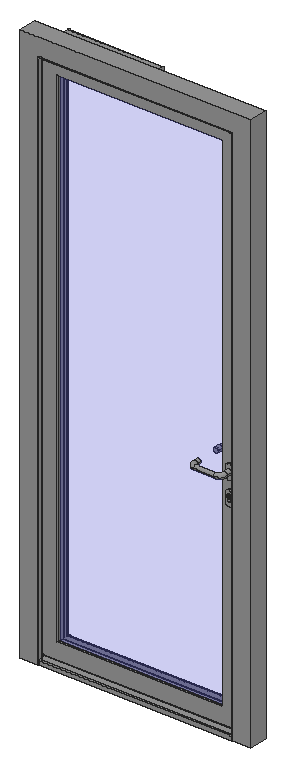
Revit family "Дверь ДПО-160", category Двери, Revit 2017
Family settings
  Основа = Стена
  Номер OmniClass = 23.30.10.00
  Заголовок OmniClass = Doors
  Всегда вертикально = Да
  При загрузке вырезать с полостями = Нет
  Общий = Нет
  Точка расчета площади = Нет
Parameters (values of type "ДПО-Огнедекор-01/60 24-10 ПТ")
  Ширина створки = Width - 100 mm  # 870 mm
  Функция = Внутренние слои
  Толщина = 50 mm  # constant formula
  Правая = not(Левая)  # yes
  Описание = "Дверь противопожарная остекленная"  # constant formula
  Огнестойкость = "EIW-30"  # constant formula
  Материал_створки = Сталь, белый
  Материал_коробки = Сталь, белый
  Левая = no
  Изготовитель = "ДВР Центр, г.Москва"  # constant formula
  Группа модели = "ДПО-Огнедекор"  # constant formula
  Выступ каркаса нар. = 25 mm
  Выступ каркаса внут. = 25 mm
  Ширина каркаса = 75 mm
  Height = 2370 mm
  Замыкание стены = По основе
  Width = 970 mm
Types (11, lengths in mm): name | Ширина створки | Правая | Левая | Height | Width
  (no name) | 870 | yes | no | 2370 | 970
  ДПО-Огнедекор-01/60 21-9 ПТ | 770 | yes | no | 2070 | 870
  ДПО-Огнедекор-01/60 21-8 ПТ | 670 | yes | no | 2070 | 770
  ДПО-Огнедекор-01/60 21-7 ПТ | 570 | yes | no | 2070 | 670
  ДПО-Огнедекор-01/60 21-10 ПТ | 870 | yes | no | 2070 | 970
  ДПО-Огнедекор-01/60 24-10 ПТ | 870 | yes | no | 2370 | 970
  ДПО-Огнедекор-01/60 24-10 ЛТ | 870 | no | yes | 2370 | 970
  ДПО-Огнедекор-01/60 21-9 ЛТ | 770 | no | yes | 2070 | 870
  ДПО-Огнедекор-01/60 21-8 ЛТ | 670 | no | yes | 2070 | 770
  ДПО-Огнедекор-01/60 21-7 ЛТ | 570 | no | yes | 2070 | 670
  ДПО-Огнедекор-01/60 21-10 ЛТ | 870 | no | yes | 2070 | 970
Reference planes
  plane 1: y = 0
  plane 2 "По центру (Влево/Вправо)": x = 0
  plane 3 "Слева": x = -485
  plane 4 "Справа": x = 485
  plane 5: z = 2370
  plane 6 "Наружный": y = 75
  plane 7 "Внутренние": y = -75
  plane 8: y = -37.295
  plane 9: z = 7
  plane 10: z = 2324
  plane 11: z = 1185
  plane 12: x = 439
  plane 13: x = -439
Forms (mm)
  Sweep 1, solid, material "Сталь, белый" <- "Материал_створки", detail levels fine
    path origin (-254.535, 75, -0.741) x (1, 0, 0) y (0, 0, 1)
      loop
        line (-184.465, 7.741) -> (693.535, 7.741) -> (693.535, 2324.741) -> (-184.465, 2324.741) -> (-184.465, 7.741)
    profile "Профиль 6050T : Профиль 6050T" origin (0, 75, 7) x (0, 0, 1) y (0, -1, 0)
      loop
        line (1.255, -6) -> (87.634, -6)
        arc (87.634, -6) -> (88.913, -5.47) -> (89.443, -4.191) r 1.809
        line (89.443, -4.191) -> (89.443, -3.388)
        arc (89.443, -3.388) -> (88.904, -2.085) -> (87.601, -1.546) r 1.842
        line (87.601, -1.546) -> (71.955, -1.546)
        arc (71.955, -1.546) -> (70.179, -0.81) -> (69.443, 0.966) r 2.512
        line (69.443, 0.966) -> (69.443, 39) -> (84.443, 39)
        arc (84.443, 39) -> (87.979, 40.464) -> (89.443, 44) r 5
        line (89.443, 44) -> (89.443, 54) -> (21.907, 54)
        arc (21.907, 54) -> (20.165, 53.278) -> (19.443, 51.536) r 2.464
        line (19.443, 51.536) -> (19.443, 1)
        arc (19.443, 1) -> (18.697, -0.8) -> (16.898, -1.546) r 2.545
        line (16.898, -1.546) -> (1.232, -1.546)
        arc (1.232, -1.546) -> (-0.033, -2.07) -> (-0.557, -3.335) r 1.789
        line (-0.557, -3.335) -> (-0.557, -4.188)
        arc (-0.557, -4.188) -> (-0.026, -5.469) -> (1.255, -6) r 1.812
  Sweep 2, solid, material "Сталь, белый" <- "Материал_коробки"
    path in 3D
      loop
        line (485, 75, 0) -> (485, 75, 2370) -> (-485, 75, 2370) -> (-485, 75, 0)
    profile "Профиль 6050LG : Профиль 6050LG" origin (0, 75, 2370) x (0, 1, 0) y (0, 0, -1)
      loop
        line (0, 0) -> (0, 56.008)
        arc (0, 56.008) -> (-1.169, 58.831) -> (-3.992, 60) r 3.992
        line (-3.992, 60) -> (-58.037, 60)
        arc (-58.037, 60) -> (-58.745, 60.293) -> (-59.037, 61) r 1
        line (-59.037, 61) -> (-59.037, 76.2)
        arc (-59.037, 76.2) -> (-59.565, 77.473) -> (-60.837, 78) r 1.8
        line (-60.837, 78) -> (-78.155, 78)
        arc (-78.155, 78) -> (-79.46, 77.46) -> (-80, 76.155) r 1.845
        line (-80, 76.155) -> (-80, 0) -> (0, 0)
  Extrusion 3, solid, material "Стекло", detail levels fine
    sketch origin (0, 0, 0) x (1, 0, 0) y (0, 1, 0)
      loop
        line (-369.557, 73.546) -> (-369.557, 45.5) -> (369.557, 45.5) -> (369.557, 73.546) -> (-369.557, 73.546)
    from 76.443 to 2254.557
  Extrusion 4, solid, material "Сталь, белый" <- "Материал_коробки", visible <- "Левая", detail levels fine
    sketch origin (0, 75, 0) x (1, 0, 0) y (0, 0, 1)
      loop
        line (469, 2253) -> (444, 2253) -> (444, 2206) -> (469, 2206) -> (469, 2253)
      loop
        line (469, 2142.021) -> (444, 2142.021) -> (444, 2095.021) -> (469, 2095.021) -> (469, 2142.021)
      loop
        line (469, 2053) -> (444, 2053) -> (444, 2006) -> (469, 2006) -> (469, 2053)
      loop
        line (469, 1942) -> (444, 1942) -> (444, 1895.021) -> (469, 1895.021) -> (469, 1942)
      loop
        line (469, 236) -> (444.016, 236) -> (444.016, 189) -> (469, 189) -> (469, 236)
      loop
        line (469, 125) -> (444.016, 125) -> (444.016, 78.021) -> (469, 78.021) -> (469, 125)
    from 0 to -6
  Extrusion 5, solid, material "Сталь, белый" <- "Материал_коробки", visible <- "Правая", detail levels fine
    sketch origin (0, 75, 0) x (1, 0, 0) y (0, 0, 1)
      loop
        line (-469, 2252.979) -> (-469, 2206) -> (-444.006, 2206) -> (-444.006, 2252.979) -> (-469, 2252.979)
      loop
        line (-469, 2142) -> (-469, 2095) -> (-444.006, 2095) -> (-444.006, 2142) -> (-469, 2142)
      loop
        line (-469, 2052.979) -> (-469, 2006) -> (-444.006, 2006) -> (-444.006, 2052.979) -> (-469, 2052.979)
      loop
        line (-469, 1942) -> (-469, 1895) -> (-444.006, 1895) -> (-444.006, 1942) -> (-469, 1942)
      loop
        line (-469, 235.979) -> (-469, 188.979) -> (-444, 188.979) -> (-444, 235.979) -> (-469, 235.979)
      loop
        line (-469, 125) -> (-469, 78) -> (-444, 78) -> (-444, 125) -> (-469, 125)
    from 0 to -6
  Extrusion 6, solid, material "Сталь, белый" <- "Материал_коробки", detail levels fine
    sketch origin (0, 0, 0) x (1, 0, 0) y (0, 1, 0)
      loop
        line (-425, 75) -> (-425, 15.963) -> (-407, 15.963) -> (-407, -5) -> (407, -5) -> (407, 15.963) -> (425, 15.963) -> (425, 75) -> (-425, 75)
    from 0 to 21.622
  Sweep 7, void
    path in 3D
      loop
        line (-407, -5, 21.622) -> (407, -5, 21.622)
    profile origin (0, -5, 21.622) x (0, 1, 0) y (0, 0, 1)
      loop
        line (0, 0) -> (0, -3)
        arc (0, -3) -> (0.879, -0.879) -> (3, 0) r 3
        line (3, 0) -> (0, 0)
Cuts and joins
  Sweep 7 cuts Sweep 2
  Sweep 7 cuts Extrusion 6
Lines and regions (mm)
  Opening 1
    outline origin (-3050, -75, 0) x (1, 0, 0) y (0, 0, 1)
      loop
        line (2565, 0) -> (3535, 0) -> (3535, 2370) -> (2565, 2370) -> (2565, 0)
  symbolic lines, style "Поворот фасада", visible <- "Правая", detail levels coarse+medium
    curve 1: line (485, -75, 1185) -> (-485, -75, 2370)
    curve 2: line (485, -75, 1185) -> (-485, -75, 0)
  sketch lines
    curve 3: line (485, 75, 2370) -> (-485, 75, 2370)
    curve 4: line (-485, 75, 2370) -> (-485, 75, 0)
    curve 5: line (485, 75, 0) -> (485, 75, 2370)
    curve 8: line (-407, -5, 21.622) -> (407, -5, 21.622)
  symbolic lines, style "Поворот фасада", visible <- "Левая", detail levels coarse+medium
    curve 6: line (-485, -75, 1185) -> (485, -75, 2370)
    curve 7: line (-485, -75, 1185) -> (485, -75, 0)
  symbolic lines, style "DoorsPanelProjection", visible <- "Правая", detail levels coarse+medium
    curve 9: line (-439, 953.155, 0) -> (-439, 83.155, 0)
    curve 10: line (-439, 83.155, 0) -> (-434.526, 83.155, 0)
    curve 11: line (-434.526, 83.155, 0) -> (-434.526, 103.155, 0)
    curve 12: line (-434.526, 103.155, 0) -> (-379.526, 103.155, 0)
    curve 13: line (-379.526, 103.155, 0) -> (-379.526, 933.155, 0)
    curve 14: line (-379.526, 933.155, 0) -> (-434.526, 933.155, 0)
    curve 15: line (-434.526, 933.155, 0) -> (-434.526, 953.155, 0)
    curve 16: line (-434.526, 953.155, 0) -> (-439, 953.155, 0)
    curve 17: arc (439, 75, 0) -> (181.348, 693.005, 0) -> (-439, 944.963, 0) r 870
  symbolic lines, style "DoorsPanelProjection", visible <- "Левая", detail levels coarse+medium
    curve 18: line (439, 953.155, 0) -> (439, 83.155, 0)
    curve 19: line (439, 83.155, 0) -> (434.526, 83.155, 0)
    curve 20: line (434.526, 83.155, 0) -> (434.526, 103.155, 0)
    curve 21: line (434.526, 103.155, 0) -> (379.526, 103.155, 0)
    curve 22: line (379.526, 103.155, 0) -> (379.526, 933.155, 0)
    curve 23: line (379.526, 933.155, 0) -> (434.526, 933.155, 0)
    curve 24: line (434.526, 933.155, 0) -> (434.526, 953.155, 0)
    curve 25: line (434.526, 953.155, 0) -> (439, 953.155, 0)
    curve 26: arc (-439, 75, 0) -> (-181.348, 693.005, 0) -> (439, 944.963, 0) r 870
Text (mm)
  text "Exterior" at (-2295.016, 1099.543, 0), in view "Опорный уровень"
  text "Exterior" at (0, 1615.38, 3698.081), in view "Слева"
  text "Exterior" at (0, 1036.032, 3874.932), in view "Справа"
Dimensions and locks
  equal spacing: plane 3 "Слева", plane 2 "По центру (Влево/Вправо)", plane 4 "Справа"
  "Width": plane 3 "Слева" to plane 4 "Справа"
  "Height": plane 5 to host wall
  equal spacing: host wall, curve 2, plane 5
  host wall to plane 5 = 2370 mm
  locked: plane 6 "Наружный" to host wall at 0
  locked: plane 7 "Внутренние" to host wall
  locked: Sweep 1 to nested 3 at 34
  locked: nested 3 to level at 1000
  locked: Sweep 1 to nested 1 at 34
  locked: Sweep 1 to nested 2 at 34
  locked: Sweep 1 to nested 4 at 34
  locked: nested 5 to plane 10 at 150
  equal spacing: level, plane 11, plane 5
  locked: plane 12 to plane 4 "Справа" at 46
  locked: plane 10 to plane 5 at 46
  locked: plane 3 "Слева" to plane 13 at 46
  locked: plane 9 to nested 8 at 150
  locked: nested 9 to nested 5 at 200
  locked: Extrusion 3 sketch curve to Extrusion 3 sketch curve at 28.046
  locked: Extrusion 3 sketch curve to Sweep 1 at 3
  locked: Extrusion 6 sketch curve to Extrusion 6 sketch curve at 80
  locked: Extrusion 6 to Extrusion 6 at 21.622
  locked: curve 9 to curve 13 at 59.474
  locked: curve 16 to curve 14 at 20
  locked: curve 10 to curve 12 at 20
  locked: curve 9 to curve 15 at 4.474
  locked: curve 9 to curve 11 at 4.474
  locked: plane 6 "Наружный" to curve 12 at 28.155
  "Ширина створки": curve 16 to curve 10
  locked: curve 18 to curve 22 at 59.474
  locked: curve 25 to curve 23 at 20
  locked: curve 19 to curve 21 at 20
  locked: curve 18 to curve 24 at 4.474
  locked: curve 18 to curve 20 at 4.474
  "Ширина створки": curve 25 to curve 19
  locked: nested 10 to nested 11 at 85
  locked: Sweep 1 to nested 11 at 55.443
  locked: nested 12 to plane 12 at 85
  locked: Sweep 1 to nested 12 at 55.443
  locked: nested 1 to cut or joined group of Extrusion 6, Sweep 7 at 1000
  locked: level to nested 4 at 1000
  locked: cut or joined group of Extrusion 6, Sweep 7 to nested 2 at 1000
  "Ширина створки": radius of curve 17
  aligned and locked: plane 3 "Слева" to Opening 1 sketch curve
  aligned and locked: plane 5 to Opening 1 sketch curve  (x2)
  aligned and locked: Opening 1 sketch curve to plane 4 "Справа"
  aligned and locked: Opening 1 sketch curve to level
  aligned and locked: plane 5 to curve 1
  aligned and locked: plane 3 "Слева" to curve 2
  aligned and locked: plane 1 to host wall
  aligned and locked: plane 3 "Слева" to curve 1
  aligned and locked: Sweep 1 sketch curve to plane 9
  aligned and locked: plane 10 to Sweep 1 sketch curve
  aligned and locked: Sweep 1 to Extrusion 3 sketch curve  (x2)
  aligned and locked: Extrusion 3 to Sweep 1  (x2)
  aligned and locked: nested 6 to nested 5
  aligned and locked: curve 6 to host wall
  aligned and locked: Sweep 1 sketch curve to plane 12
  aligned and locked: plane 13 to Sweep 1 sketch curve
  aligned and locked: nested 5 to plane 12
  aligned and locked: nested 7 to nested 8
  aligned and locked: plane 13 to nested 7
  aligned and locked: nested 5 to nested 9
  aligned and locked: nested 10 to nested 9
  aligned and locked: Extrusion 4 sketch curve to nested 5  (x3)
  aligned and locked: nested 5 to Extrusion 4 sketch curve  (x3)
  aligned and locked: Extrusion 4 sketch curve to nested 9  (x3)
  aligned and locked: nested 9 to Extrusion 4 sketch curve  (x3)
  aligned and locked: Extrusion 4 sketch curve to nested 8  (x3)
  aligned and locked: nested 8 to Extrusion 4 sketch curve  (x3)
  aligned and locked: Extrusion 4 sketch curve to Extrusion 4 sketch curve  (x3)
  aligned and locked: host wall to Extrusion 4
  aligned and locked: Extrusion 4 to Sweep 1
  aligned and locked: Extrusion 5 sketch curve to nested 6  (x4)
  aligned and locked: nested 6 to Extrusion 5 sketch curve  (x2)
  aligned and locked: Extrusion 5 sketch curve to nested 10  (x4)
  aligned and locked: nested 10 to Extrusion 5 sketch curve  (x2)
  aligned and locked: Extrusion 5 sketch curve to nested 7  (x5)
  aligned and locked: nested 7 to Extrusion 5 sketch curve
  aligned and locked: Extrusion 5 sketch curve to Extrusion 5 sketch curve  (x4)
  aligned and locked: host wall to Extrusion 5
  aligned and locked: Sweep 1 to Extrusion 5
  aligned and locked: Extrusion 6 sketch curve to Sweep 2  (x6)
  aligned and locked: Extrusion 6 sketch curve to plane 6 "Наружный"
  aligned and locked: Extrusion 6 to level
  aligned and locked: nested 8 to plane 12
Automatic sketch dimensions
  Extrusion 4 sketch curve to plane 12 = 5.016 mm
  Extrusion 4 sketch curve to plane 12 = 5 mm  (x2)
  plane 13 to Extrusion 5 sketch curve = 5.006 mm
  plane 13 to Extrusion 5 sketch curve = 5 mm
  curve 2 to level = 0 mm
  plane 4 "Справа" to curve 2 = 0 mm
  curve 7 to level = 0 mm
  plane 4 "Справа" to curve 7 = 0 mm
  plane 4 "Справа" to curve 6 = 0 mm
  curve 7 to plane 11 = 0 mm
  curve 6 to plane 5 = 0 mm
  curve 9 to plane 13 = 0 mm
  curve 26 to host wall = 0 mm
  curve 26 to plane 13 = 0 mm
  curve 17 to host wall = 0 mm
  curve 18 to plane 12 = 0 mm
  curve 17 to plane 12 = 0 mm
  plane 12 to curve 26 = 8 mm
  host wall to curve 19 = 8.155 mm
  Sweep 7 sketch curve to profile plane = 0 mm  (x2)
  Sweep 7 sketch curve to profile plane = 3 mm
Nested families
  nested 1: "Ручка профильная DL038" at (-383.557, 21, 1000) x (1, 0, 0) z (0, -1, 0), visible <- "Левая", type "Ручка профильная DL038", detail levels fine
  nested 2: "Ручка профильная DL038" at (383.557, 81, 1000) x (-1, 0, 0) z (0, 1, 0), visible <- "Правая", type "Ручка профильная DL038", detail levels fine
  nested 3: "Ручка профильная DL038" at (383.557, 21, 1000) x (-1, 0, 0) z (0, -1, 0), visible <- "Правая", type "Ручка профильная DL038", detail levels fine
  nested 4: "Ручка профильная DL038" at (-383.557, 81, 1000) x (1, 0, 0) z (0, 1, 0), visible <- "Левая", type "Ручка профильная DL038", detail levels fine
  nested 5: "Петля IBFM" at (439, 81, 2174) x (0, 0, -1) z (0, 1, 0), visible <- "Левая", type "Петля IBFM", detail levels fine
  nested 6: "Петля IBFM" at (-439, 81, 2174) x (0, 0, 1) z (0, 1, 0), visible <- "Правая", type "Петля IBFM", detail levels fine
  nested 7: "Петля IBFM" at (-439, 81, 157) x (0, 0, 1) z (0, 1, 0), visible <- "Правая", type "Петля IBFM", detail levels fine
  nested 8: "Петля IBFM" at (439, 81, 157) x (0, 0, -1) z (0, 1, 0), visible <- "Левая", type "Петля IBFM", detail levels fine
  nested 9: "Петля IBFM" at (439, 81, 1974) x (0, 0, -1) z (0, 1, 0), visible <- "Левая", type "Петля IBFM", detail levels fine
  nested 10: "Петля IBFM" at (-439, 81, 1974) x (0, 0, 1) z (0, 1, 0), visible <- "Правая", type "Петля IBFM", detail levels fine
  nested 11: "Доводчик GEZE2000" at (-241, 81, 2290) x (-1, 0, 0) z (0, 1, 0), visible <- "Правая", type "Доводчик GEZE2000", detail levels fine
    with Перепад 2 mm
  nested 12: "Доводчик GEZE2000" at (241, 81, 2290) x (1, 0, 0) z (0, 1, 0), visible <- "Левая", type "Доводчик GEZE2000", detail levels fine
    with Перепад 2 mm
Definition of nested family "Ручка профильная DL038"
  Parameters (values of type "Ручка профильная DL038")
    Default Elevation = 1219.2 mm
    Материал_ручки = none
  Reference planes
    plane 1 "По центру (Вперед/Назад)": y = 0
    plane 2: z = 0
    plane 3 "По центру (Влево/Вправо)": x = 0
    plane 4: z = 50
    plane 5: x = -27
    plane 6: x = 140
    plane 7: z = 10
    plane 8: y = -100
    plane 9: y = -95.041
    plane 10: y = -110
    plane 11: z = 11
    plane 12: z = 11.5
  Forms (mm)
    Extrusion 1, solid
      sketch origin (0, 0, 0) x (1, 0, 0) y (0, 1, 0)
        loop
          line (-1219.2, 1219.2) -> (-1219.2, -1219.2) -> (1219.2, -1219.2) -> (1219.2, 1219.2) -> (-1219.2, 1219.2)
      from 0 to -304.8
    Sweep 2, solid, material <- "Материал_ручки"
      path origin (0, 0, 0) x (1, 0, 0) y (0, 0, 1)
        loop
          line (0, 0) -> (0, 35)
          arc (0, 35) -> (5.858, 49.142) -> (20, 55) r 20
          line (20, 55) -> (105, 55)
          arc (105, 55) -> (119.142, 49.142) -> (125, 35) r 20
          line (125, 35) -> (125, 17)
      profile origin (0, 0, 17.5) x (-1, 0, 0) y (0, -1, 0)
        loop
          circle (0, 0) r 10
    Extrusion 3, solid, material <- "Материал_ручки"
      sketch origin (0, 0, 0) x (1, 0, 0) y (0, 1, 0)
        loop
          arc (-2.057, 30.041) -> (-11.943, 25.946) -> (-16.038, 16.059) r 13.982
          line (-16.038, 16.059) -> (-16.038, -16.031)
          arc (-16.038, -16.031) -> (-11.935, -25.937) -> (-2.028, -30.041) r 14.01
          line (-2.028, -30.041) -> (2.048, -30.041)
          arc (2.048, -30.041) -> (11.941, -25.943) -> (16.038, -16.05) r 13.991
          line (16.038, -16.05) -> (16.038, 16.066)
          arc (16.038, 16.066) -> (11.945, 25.948) -> (2.064, 30.041) r 13.975
          line (2.064, 30.041) -> (-2.057, 30.041)
        loop
          arc (-1.038, -70.041) -> (-11.645, -74.434) -> (-16.038, -85.041) r 15
          line (-16.038, -85.041) -> (-16.038, -115.992)
          arc (-16.038, -115.992) -> (-11.947, -125.868) -> (-2.071, -129.959) r 13.967
          line (-2.071, -129.959) -> (1.999, -129.959)
          arc (1.999, -129.959) -> (11.926, -125.847) -> (16.038, -115.92) r 14.04
          line (16.038, -115.92) -> (16.038, -84.069)
          arc (16.038, -84.069) -> (11.929, -74.15) -> (2.01, -70.041) r 14.028
          line (2.01, -70.041) -> (-1.038, -70.041)
      from 0 to 10
    Extrusion 4, solid, material <- "Материал_ручки"
      sketch origin (0, 0, 0) x (1, 0, 0) y (0, 1, 0)
        loop
          arc (-4.981, -107.976) -> (-3.518, -111.509) -> (0.015, -112.972) r 4.996
          arc (0.015, -112.972) -> (3.534, -111.441) -> (4.981, -107.887) r 5.086
          line (4.981, -107.887) -> (4.981, -99.796)
          arc (4.981, -99.796) -> (-0.182, -84.347) -> (-4.981, -99.913) r 8.555
          line (-4.981, -99.913) -> (-4.981, -107.976)
      from 10 to 11
    Extrusion 5, solid
      sketch origin (0, 0, 0) x (1, 0, 0) y (0, 1, 0)
        loop
          circle (0, -92.874) r 6.487
      from 11 to 11.5
    Extrusion 6, void
      sketch origin (0, 0, 0) x (1, 0, 0) y (0, 1, 0)
        loop
          line (-7.497, -91.74) -> (-7.497, -94.451) -> (7.503, -94.451) -> (7.503, -91.74) -> (-7.497, -91.74)
      from 11 to 11.5
  Cuts and joins
    Extrusion 6 cuts Sweep 2
    Extrusion 6 cuts Extrusion 3
    joined: Sweep 2, Extrusion 3
    Extrusion 6 cuts Extrusion 4
    Extrusion 6 cuts Extrusion 5
  Dimensions and locks
    equal spacing: Extrusion 3 sketch curve, plane 1 "По центру (Вперед/Назад)", Extrusion 3 sketch curve
    equal spacing: Extrusion 3 sketch curve, plane 3 "По центру (Влево/Вправо)", Extrusion 3 sketch curve  (x2)
    locked: Extrusion 3 sketch curve to Extrusion 3 sketch curve at 60.082
    locked: Extrusion 3 sketch curve to Extrusion 3 sketch curve at 32.077
    equal spacing: Extrusion 3 sketch curve, plane 8, Extrusion 3 sketch curve
    locked: Extrusion 3 sketch curve to Extrusion 3 sketch curve at 59.918
    equal spacing: Extrusion 4 sketch curve, plane 3 "По центру (Влево/Вправо)", Extrusion 4 sketch curve
    aligned and locked: plane 2 to Extrusion 1
    aligned and locked: level to Extrusion 1
    aligned and locked: plane 7 to Extrusion 3
    aligned and locked: Extrusion 3 to level
    aligned and locked: Extrusion 3 sketch curve to Extrusion 3 sketch curve
    aligned and locked: plane 11 to Extrusion 4
    aligned and locked: Extrusion 4 to plane 7
    aligned and locked: Extrusion 5 to plane 11
    aligned and locked: plane 12 to Extrusion 5
    aligned and locked: Extrusion 6 to plane 11
    aligned and locked: plane 12 to Extrusion 6
  Automatic sketch dimensions
    Extrusion 1 sketch curve to Extrusion 1 sketch curve = 2438.4 mm  (x2)
    plane 1 "По центру (Вперед/Назад)" to Sweep 2 sketch curve = 0 mm
    Sweep 2 sketch curve to profile plane = 0 mm
    Sweep 2 sketch curve to plane 3 "По центру (Влево/Вправо)" = 0 mm
    Sweep 2 sketch curve to level = 0 mm
    plane 7 to Sweep 2 sketch curve = 25 mm
    plane 3 "По центру (Влево/Вправо)" to Sweep 2 sketch curve = 20 mm
    Sweep 2 sketch curve to plane 4 = 15 mm
    Sweep 2 sketch curve to plane 6 = 35 mm
    plane 7 to Sweep 2 sketch curve = 7 mm
    Extrusion 3 sketch curve to plane 3 "По центру (Влево/Вправо)" = 2.071 mm
    Extrusion 3 sketch curve to plane 3 "По центру (Влево/Вправо)" = 2.057 mm
    Extrusion 3 sketch curve to plane 3 "По центру (Влево/Вправо)" = 2.028 mm
    Extrusion 3 sketch curve to plane 3 "По центру (Влево/Вправо)" = 1.038 mm
    plane 3 "По центру (Влево/Вправо)" to Extrusion 3 sketch curve = 1.999 mm
    plane 3 "По центру (Влево/Вправо)" to Extrusion 3 sketch curve = 2.01 mm
    plane 3 "По центру (Влево/Вправо)" to Extrusion 3 sketch curve = 2.048 mm
    plane 3 "По центру (Влево/Вправо)" to Extrusion 3 sketch curve = 2.064 mm
    Extrusion 4 sketch curve to plane 3 "По центру (Влево/Вправо)" = 4.981 mm
    Extrusion 4 sketch curve to plane 3 "По центру (Влево/Вправо)" = 0.105 mm
    Extrusion 4 sketch curve to plane 3 "По центру (Влево/Вправо)" = 0.082 mm
    plane 3 "По центру (Влево/Вправо)" to Extrusion 4 sketch curve = 0.015 mm
    Extrusion 4 sketch curve to plane 8 = 7.976 mm
    Extrusion 4 sketch curve to plane 9 = 4.873 mm
    Extrusion 4 sketch curve to Extrusion 4 sketch curve = 8.091 mm
    Extrusion 5 sketch curve to plane 3 "По центру (Влево/Вправо)" = 0 mm
    plane 9 to Extrusion 5 sketch curve = 2.167 mm
    plane 9 to Extrusion 6 sketch curve = 0.589 mm
    Extrusion 6 sketch curve to plane 3 "По центру (Влево/Вправо)" = 7.497 mm
    plane 3 "По центру (Влево/Вправо)" to Extrusion 6 sketch curve = 7.503 mm
    Extrusion 6 sketch curve to Extrusion 6 sketch curve = 2.712 mm
    radius of Sweep 2 sketch curve = 10 mm
    radius of Extrusion 5 sketch curve = 6.487 mm
Definition of nested family "Петля IBFM"
  Parameters (values of type "Петля IBFM")
    Default Elevation = 1219.2 mm
    Материал_петли = none
  Reference planes
    plane 1 "По центру (Вперед/Назад)": y = 0
    plane 2: z = 0
    plane 3 "По центру (Влево/Вправо)": x = 0
    plane 4: y = -11
    plane 5: x = -23
    plane 6: x = 329.757
    plane 7: y = 55
    plane 8: z = 33
    plane 9: z = 21
    plane 10: x = -32
    plane 11: y = -30
    plane 12: x = -79
    plane 13: x = 32
  Forms (mm)
    Extrusion 1, solid
      sketch origin (0, 0, 0) x (1, 0, 0) y (0, 1, 0)
        loop
          line (-1219.2, 1219.2) -> (-1219.2, -1219.2) -> (1219.2, -1219.2) -> (1219.2, 1219.2) -> (-1219.2, 1219.2)
      from 0 to -304.8
    Extrusion 2, solid, material <- "Материал_петли"
      sketch origin (0, 0, 0) x (0, 1, 0) y (0, 0, 1)
        loop
          line (55, 0) -> (55, 20) -> (29.486, 33) -> (-7.824, 33) -> (-11, 29.824) -> (-11, 11.891) -> (-7.464, 8.356) -> (16.261, 8.356) -> (16.261, 0) -> (55, 0)
        loop
          circle (0, 21) r 6.679
      from -23 to 23
    Extrusion 3, solid, material <- "Материал_петли"
      sketch origin (0, 0, 0) x (0, 1, 0) y (0, 0, 1)
        loop
          circle (0, 21) r 13.05
      from -23 to -32
    Extrusion 4, solid, material <- "Материал_петли"
      sketch origin (55, 0, 0) x (0, 1, 0) y (0, 0, 1)
        loop
          circle (0, 21) r 13.05
      from -23 to -32
    Extrusion 5, solid, material <- "Материал_петли"
      sketch origin (0, 0, 0) x (0, 1, 0) y (0, 0, 1)
        loop
          line (-30, 0) -> (-4.519, 0) -> (-4.519, 8.356) -> (7.274, 8.356) -> (12.637, 13.719) -> (12.637, 28.233) -> (6.312, 33) -> (-11, 33) -> (-30, 21) -> (-30, 0)
      from -32 to -79
    Extrusion 6, solid, material <- "Материал_петли"
      sketch origin (110.979, 0, 0) x (0, 1, 0) y (0, 0, 1)
        loop
          line (-30, 0) -> (-4.519, 0) -> (-4.519, 8.356) -> (7.274, 8.356) -> (12.637, 13.719) -> (12.637, 28.233) -> (6.312, 33) -> (-11, 33) -> (-30, 21) -> (-30, 0)
      from -32 to -79
  Dimensions and locks
    equal spacing: Extrusion 2, plane 3 "По центру (Влево/Вправо)", Extrusion 2
    aligned and locked: plane 2 to Extrusion 1
    aligned and locked: level to Extrusion 1
    aligned and locked: Extrusion 2 to plane 5
    aligned and locked: Extrusion 3 to plane 5
    aligned and locked: Extrusion 3 to plane 10
    aligned and locked: Extrusion 3 to Extrusion 5
    aligned and locked: Extrusion 5 to plane 12
    aligned and locked: plane 13 to Extrusion 4
  Automatic sketch dimensions
    Extrusion 1 sketch curve to Extrusion 1 sketch curve = 2438.4 mm  (x2)
    Extrusion 2 sketch curve to plane 4 = 0 mm
    Extrusion 2 sketch curve to plane 8 = 0 mm
    Extrusion 2 sketch curve to level = 0 mm
    Extrusion 2 sketch curve to plane 7 = 0 mm
    plane 4 to Extrusion 2 sketch curve = 3.176 mm
    plane 4 to Extrusion 2 sketch curve = 3.536 mm
    plane 9 to Extrusion 2 sketch curve = 0 mm
    Extrusion 2 sketch curve to plane 1 "По центру (Вперед/Назад)" = 0 mm
    Extrusion 2 sketch curve to Extrusion 2 sketch curve = 16.261 mm
    Extrusion 2 sketch curve to Extrusion 2 sketch curve = 29.486 mm
    Extrusion 2 sketch curve to Extrusion 2 sketch curve = 8.356 mm
    Extrusion 2 sketch curve to Extrusion 2 sketch curve = 3.536 mm
    Extrusion 2 sketch curve to plane 9 = 1 mm
    Extrusion 2 sketch curve to plane 8 = 3.176 mm
    Extrusion 3 sketch curve to plane 1 "По центру (Вперед/Назад)" = 0 mm
    Extrusion 3 sketch curve to plane 9 = 0 mm
    Extrusion 4 sketch curve to plane 1 "По центру (Вперед/Назад)" = 0 mm
    Extrusion 4 sketch curve to plane 9 = 0 mm
    Extrusion 5 sketch curve to plane 11 = 0 mm
    Extrusion 5 sketch curve to plane 4 = 0 mm
    Extrusion 5 sketch curve to level = 0 mm
    Extrusion 5 sketch curve to plane 8 = 0 mm
    Extrusion 5 sketch curve to plane 9 = 0 mm
    plane 1 "По центру (Вперед/Назад)" to Extrusion 5 sketch curve = 4.519 mm
    Extrusion 5 sketch curve to plane 1 "По центру (Вперед/Назад)" = 6.312 mm
    Extrusion 5 sketch curve to plane 1 "По центру (Вперед/Назад)" = 7.274 mm
    Extrusion 5 sketch curve to Extrusion 5 sketch curve = 6.326 mm
    level to Extrusion 5 sketch curve = 8.356 mm
    Extrusion 5 sketch curve to plane 9 = 7.281 mm
    Extrusion 5 sketch curve to plane 8 = 4.767 mm
    Extrusion 6 sketch curve to level = 0 mm
    Extrusion 6 sketch curve to plane 11 = 0 mm
    Extrusion 6 sketch curve to plane 4 = 0 mm
    Extrusion 6 sketch curve to plane 8 = 0 mm
    Extrusion 6 sketch curve to plane 9 = 0 mm
    plane 1 "По центру (Вперед/Назад)" to Extrusion 6 sketch curve = 4.519 mm
    Extrusion 6 sketch curve to plane 1 "По центру (Вперед/Назад)" = 6.312 mm
    Extrusion 6 sketch curve to plane 1 "По центру (Вперед/Назад)" = 7.274 mm
    Extrusion 6 sketch curve to Extrusion 6 sketch curve = 6.326 mm
    level to Extrusion 6 sketch curve = 8.356 mm
    Extrusion 6 sketch curve to plane 9 = 7.281 mm
    Extrusion 6 sketch curve to plane 8 = 4.767 mm
    radius of Extrusion 2 sketch curve = 6.679 mm
    radius of Extrusion 3 sketch curve = 13.05 mm
    radius of Extrusion 4 sketch curve = 13.05 mm
Definition of nested family "Доводчик GEZE2000"
  Parameters (values of type "Доводчик GEZE2000")
    Перепад = 5 mm
    Default Elevation = 1219.2 mm
    Материал = none
    В корпуса = 60 mm
    h корпуса = 48 mm
    L корпуса = 226 mm
  Reference planes
    plane 1 "По центру (Вперед/Назад)": y = 0
    plane 2: z = 0
    plane 3 "По центру (Влево/Вправо)": x = 0
    plane 4: x = -113
    plane 5: x = 113
    plane 6: y = 30
    plane 7: y = -30
    plane 8: z = 48
  Forms (mm)
    Extrusion 1, solid
      sketch origin (0, 0, 0) x (1, 0, 0) y (0, 1, 0)
        loop
          line (-1219.2, 1219.2) -> (-1219.2, -1219.2) -> (1219.2, -1219.2) -> (1219.2, 1219.2) -> (-1219.2, 1219.2)
      from 0 to -304.8
    Extrusion 2, solid, material <- "Материал"
      sketch origin (0, 0, 0) x (1, 0, 0) y (0, 1, 0)
        loop
          line (-113, 30) -> (-113, -30) -> (113, -30) -> (113, 30) -> (-113, 30)
      from 0 to 48
    Extrusion 3, solid, material <- "Материал"
      sketch origin (0, 0, 0) x (0, 1, 0) y (0, 0, 1)
        loop
          arc (29.891, 48) -> (-0.006, 51.01) -> (-29.902, 48) r 150
          line (-29.902, 48) -> (29.891, 48)
      from -113 to 113
    Sweep 4, solid, material <- "Материал"
      path origin (0, 0, 0) x (1, 0, 0) y (0, 1, 0)
        loop
          line (143, 37) -> (-257, 37)
      profile origin (-57, 37, 0) x (0, -1, 0) y (0, 0, 1)
        loop
          line (0, -5) -> (0, 34.844)
          arc (0, 34.844) -> (-1.464, 38.379) -> (-5, 39.844) r 5
          line (-5, 39.844) -> (-20, 39.844)
          arc (-20, 39.844) -> (-23.536, 38.379) -> (-25, 34.844) r 5
          line (-25, 34.844) -> (-25, -5) -> (0, -5)
    Extrusion 5, solid, material <- "Материал"
      sketch origin (0, 0, 0) x (1, 0, 0) y (0, 0, 1)
        loop
          circle (38, 20) r 11.604
      from -30 to -37
  Dimensions and locks
    equal spacing: plane 4, plane 3 "По центру (Влево/Вправо)", plane 5
    "L корпуса": plane 4 to plane 5
    equal spacing: plane 6, plane 1 "По центру (Вперед/Назад)", plane 7
    "В корпуса": plane 6 to plane 7
    "h корпуса": plane 8 to Extrusion 1
    Sweep 4 sketch curve to Sweep 4 sketch curve = 400 mm
    "Перепад": Sweep 4 sketch curve to Extrusion 1
    locked: Sweep 4 sketch curve to Sweep 4 sketch curve at 25
    locked: Sweep 4 sketch curve to Sweep 4 sketch curve at 44.844
    Extrusion 2 to Extrusion 5 sketch curve = 75 mm
    Extrusion 1 to Extrusion 5 sketch curve = 20 mm
    aligned and locked: plane 2 to Extrusion 1
    aligned and locked: level to Extrusion 1
    aligned and locked: Extrusion 2 sketch curve to plane 6
    aligned and locked: plane 4 to Extrusion 2 sketch curve
    aligned and locked: plane 7 to Extrusion 2 sketch curve
    aligned and locked: Extrusion 2 sketch curve to plane 5
    aligned and locked: Extrusion 2 to level
    aligned and locked: plane 8 to Extrusion 2
    aligned and locked: Extrusion 3 to Extrusion 2
    aligned and locked: Extrusion 3 to plane 4
    aligned and locked: plane 5 to Extrusion 3
    aligned and locked: profile plane to Sweep 4 sketch curve
    aligned and locked: plane 6 to Extrusion 5
    aligned and locked: Extrusion 5 to Sweep 4
  Automatic sketch dimensions
    Extrusion 1 sketch curve to Extrusion 1 sketch curve = 2438.4 mm  (x2)
    Extrusion 3 sketch curve to plane 8 = 0 mm
    plane 7 to Extrusion 3 sketch curve = 0.098 mm
    plane 1 "По центру (Вперед/Назад)" to Extrusion 3 sketch curve = 0.006 mm
    Extrusion 3 sketch curve to level = 98.99 mm
    plane 6 to Sweep 4 sketch curve = 7 mm
    Sweep 4 sketch curve to plane 4 = 144 mm
    Sweep 4 sketch curve to Sweep 4 sketch curve = 5 mm
    profile plane to Sweep 4 sketch curve = 5 mm
    radius of Extrusion 5 sketch curve = 11.604 mm
